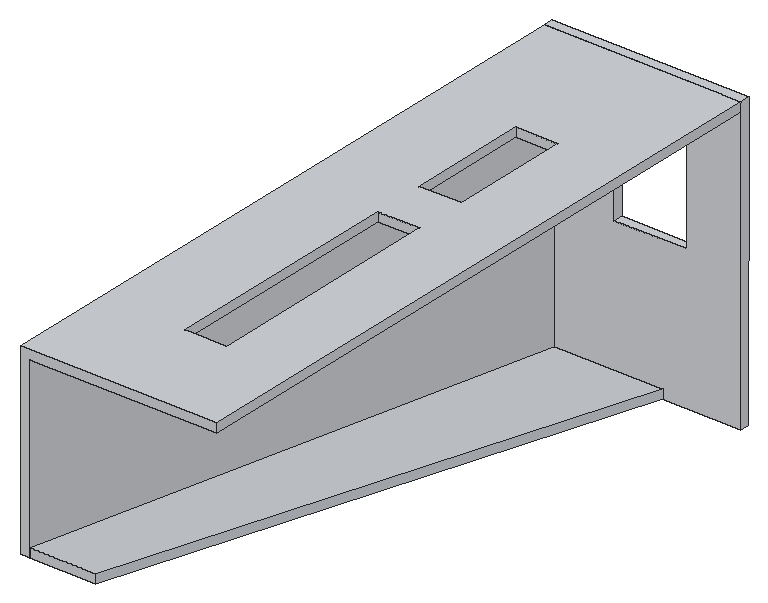
Revit family "MWA 12 11S A4", category Generic Models, Revit 2017
Family settings
  Can host rebar = No
  Round Connector Dimension = Use Diameter
  Part Type = Normal
  Work Plane-Based = No
  Always vertical = Yes
  Cut with Voids When Loaded = No
  Shared = No
  Room Calculation Point = No
Parameters (values of type "MWA 12 11S A4")
  URL = "http://www.obo-bettermann.com"
  Material = Edelstahl, rostfrei 1.4571 [31175]
  Manufacturer Art.No. = "6424440"
  Manufacturer = "OBO BETTERMANN"
  GTIN = ""
  Article Type = "MWA 12 11S A4"
Reference planes
  plane 1 "Center (Front/Back)": y = 0
  plane 2: z = 0
  plane 3 "Center (Left/Right)": x = 0
  plane 4: y = -1.5
  plane 5: y = -110
  plane 6: z = 17.8
  plane 7: y = -93.5
  plane 8: x = 17.5
  plane 9: y = -45
  plane 10: z = 42.683
  plane 11: x = 17.5
  plane 12: x = 12.5
  plane 13: x = 19.5
Forms (mm)
  Extrusion 1, solid
    sketch origin (0, 0, 0) x (1, 0, 0) y (0, 0, 1)
      loop
        line (0, 0) -> (32.5, 0) -> (32.5, 48.7) -> (0, 48.7) -> (0, 0)
    from 0 to 1.5
  Extrusion 2, solid
    sketch origin (0, 0, 0) x (1, 0, 0) y (0, 0, 1)
      loop
        line (32.5, 48.7) -> (0, 48.7) -> (0, 0) -> (1.5, 0) -> (1.5, 47.2) -> (32.5, 47.2) -> (32.5, 48.7)
    from 1.5 to 110
  Extrusion 3, void
    sketch origin (0, 0, 0) x (0, 1, 0) y (0, 0, 1)
      loop
        line (-110, 17.8) -> (-110, 0) -> (-1.5, 0) -> (-110, 17.8)
    from 0 to 1.5
  Extrusion 4, solid
    sketch origin (0, 0, 0) x (0, 1, 0) y (0, 0, 1)
      loop
        line (-110, 17.8) -> (-1.5, 0) -> (-1.5, 1.52) -> (-110, 19.32) -> (-110, 17.8)
    from 1.5 to 32.5
  Extrusion 5, void
    sketch origin (0, 0, 0) x (1, 0, 0) y (0, 1, 0)
      loop
        line (14, -93.5) -> (21, -93.5) -> (21, -53.5) -> (14, -53.5) -> (14, -93.5)
      loop
        line (14, -45) -> (21, -45) -> (21, -25) -> (14, -25) -> (14, -45)
    from 47.2 to 48.7
  Extrusion 6, void
    sketch origin (0, 0, 0) x (1, 0, 0) y (0, 0, 1)
      loop
        line (11.5, 42.683) -> (11.5, 23.683) -> (23.5, 23.683) -> (23.5, 42.683) -> (11.5, 42.683)
    from 0 to 1.5
  Extrusion 7, void
    sketch origin (0, 0, 0) x (1, 0, 0) y (0, 1, 0)
      loop
        line (19.5, -1.5) -> (12.5, -110) -> (32.5, -110) -> (32.5, -1.5) -> (19.5, -1.5)
    from 0 to 19.552
Cuts and joins
  Extrusion 3, Extrusion 5, Extrusion 7 cuts Extrusion 2
  Extrusion 5, Extrusion 7 cuts Extrusion 4
  Extrusion 6, Extrusion 7 cuts Extrusion 1
Dimensions and locks
  locked: Extrusion 1 sketch curve to Extrusion 1 sketch curve at 48.7
  locked: Extrusion 1 sketch curve to Extrusion 1 sketch curve at 32.5
  locked: Extrusion 1 to Extrusion 2 sketch curve at 1.5  (x2)
  locked: plane 1 "Center (Front/Back)" to plane 5 at 110
  locked: Extrusion 2 to plane 6 at 30.9
  locked: Extrusion 4 sketch curve to cut or joined group of Extrusion 2, Extrusion 3, Extrusion 5, Extrusion 7 at 1.5
  locked: cut or joined group of Extrusion 2, Extrusion 3, Extrusion 5, Extrusion 7 to plane 7 at 16.5
  locked: plane 8 to cut or joined group of Extrusion 2, Extrusion 3, Extrusion 5, Extrusion 7 at 15
  locked: Extrusion 5 sketch curve to Extrusion 5 sketch curve at 7  (x2)
  locked: Extrusion 5 sketch curve to plane 8 at 3.5  (x2)
  locked: Extrusion 5 sketch curve to Extrusion 5 sketch curve at 40
  locked: plane 9 to Extrusion 5 sketch curve at 8.5
  locked: Extrusion 5 sketch curve to Extrusion 5 sketch curve at 20
  locked: cut or joined group of Extrusion 2, Extrusion 3, Extrusion 5, Extrusion 7 to plane 10 at 6.017
  locked: Extrusion 1 to plane 11 at 15
  locked: Extrusion 6 sketch curve to Extrusion 6 sketch curve at 19
  locked: Extrusion 6 sketch curve to Extrusion 6 sketch curve at 12
  locked: plane 11 to Extrusion 6 sketch curve at 6
  locked: cut or joined group of Extrusion 2, Extrusion 3, Extrusion 5, Extrusion 7 to plane 12 at 12.5
  locked: cut or joined group of Extrusion 2, Extrusion 3, Extrusion 5, Extrusion 7 to plane 13 at 19.5
  Extrusion 7 to plane 1 "Center (Front/Back)" = 110 mm
  aligned and locked: level to plane 2
  aligned and locked: Extrusion 1 sketch curve to level
  aligned and locked: Extrusion 1 to plane 4
  aligned and locked: Extrusion 2 sketch curve to Extrusion 1
  aligned and locked: Extrusion 2 to Extrusion 1
  aligned and locked: plane 5 to Extrusion 2
  aligned and locked: Extrusion 3 to plane 3 "Center (Left/Right)"
  aligned and locked: Extrusion 3 to Extrusion 2
  aligned and locked: plane 5 to Extrusion 4
  aligned and locked: Extrusion 4 to Extrusion 1  (x2)
  aligned and locked: Extrusion 4 to cut or joined group of Extrusion 2, Extrusion 3, Extrusion 5, Extrusion 7
  aligned and locked: Extrusion 5 sketch curve to plane 9
  aligned and locked: Extrusion 2 to Extrusion 5
  aligned and locked: Extrusion 1 to Extrusion 5
  aligned and locked: Extrusion 6 to plane 1 "Center (Front/Back)"
  aligned and locked: Extrusion 1 to Extrusion 6
